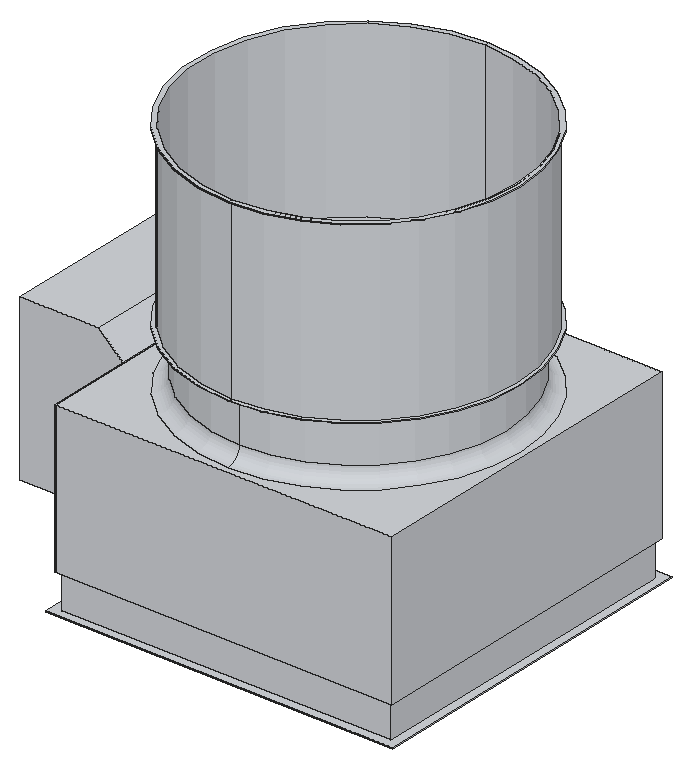
Revit family "LTUMO", category Mechanical Equipment, Revit 2019
Family settings
  Round Connector Dimension = Use Diameter
  Part Type = Normal
  Work Plane-Based = No
  Always vertical = Yes
  Cut with Voids When Loaded = No
  Shared = No
  Room Calculation Point = No
Parameters (values of type "60_LTUMO")
  T_SQ/4 = T_SQ / 4  # 17 29/32"
  RO = T_SQ - 4 1/2"  # 67 1/8"
  Unit Weight [instance] = ""
  T_SQ/2 = T_SQ / 2  # 35 13/16"
  T_SQ = 71 5/8"
  Sones [instance] = ""
  RO/2 = RO / 2  # 33 9/16"
  Motor RPM [instance] = ""
  Motor Enclosure [instance] = ""
  ModelID [instance] = ""
  LwA [instance] = ""
  Fan RPM [instance] = ""
  CH [instance] = if(CURB, CURB_HEIGHT, 0")  # 9 1/2"
  BASE_LOCATION [instance] = if(CURB, CURB_HEIGHT - 2", 0")  # 7 1/2"
  B = 32"
  CURB_HEIGHT [instance] = 9 1/2"
  CURB [instance] = yes
  WB HEIGHT = C / 4 * 3  # 38 1/16"
  C/2 = C / 2  # 25 3/8"
  C = 50 3/4"
  Accessories [instance] = ""
  D/2 = D / 2  # 33 5/8"
  D = 67 1/4"
  A = 93 11/16"
  3" = 3"  # constant formula
  Brake Hp [instance] = ""
  4" = 4"  # constant formula
  2' = 24"
  2" = 2"  # constant formula
  1' = 12"  # constant formula
  1" = 1"  # constant formula
  0 = 0"  # constant formula
  Voltage [instance] = 0 V
  URL = "www.lorencook.com"
  Type Comments = "Upblast Exhaust Ventilator Low Pressure X-Stream Propeller Roof Mounted/Belt Drive"  # constant formula
  Static Pressure [instance] = 0.00 in-wg
  Power [instance] = Voltage * Motor FLA * sqrt(if(Phase = 3, 3, 1))  # 0 VA
  Phase [instance] = 0
  Number of Poles [instance] = 1
  Motor Hp [instance] = "0"
  Motor FLA [instance] = 0 A
  Model = "LXULMO"  # constant formula
  Manufacturer = "Loren Cook Company"
  CFM [instance] = 0 CFM
  1.5 = 1 1/2"  # constant formula
  ONE EIGTH = 1/8"  # constant formula
  -T_SQ/4 = -T_SQ / 4  # -17 29/32"
  -D+4" = -21"
  -D+2" = -23"
  -D = -25"
  (T_SQ/2)+.125" = (T_SQ / 2) + 1/8"  # 35 15/16"
  (D/2)-2" = (D / 2) - 2"  # 31 5/8"
Types (9): name | T_SQ/4 | RO | Unit Weight | T_SQ/2 | T_SQ | RO/2 | B | WB HEIGHT | C/2 | C | D/2 | D | A | -T_SQ/4 | -D+4" | -D+2" | -D | (T_SQ/2)+.125" | (D/2)-2"
  (no name) | 17 29/32" | 67 1/8" | "" | 35 13/16" | 71 5/8" | 33 9/16" | 32" | 38 1/16" | 25 3/8" | 50 3/4" | 33 5/8" | 67 1/4" | 93 11/16" | -17 29/32" | -21" | -23" | -25" | 35 15/16" | 31 5/8"
  20_LTUMO | 7 29/32" | 27 1/8" | "250" | 15 13/16" | 31 5/8" | 13 9/16" | 22" | 18 27/32" | 12 9/16" | 25 1/8" | 13 5/8" | 27 1/4" | 44 13/16" | -7 29/32" | -15" | -17" | -19" | 15 15/16" | 11 5/8"
  24_LTUMO | 8 29/32" | 31 1/8" | "" | 17 13/16" | 35 5/8" | 15 9/16" | 22" | 20 1/16" | 13 3/8" | 26 3/4" | 15 5/8" | 31 1/4" | 48 13/16" | -8 29/32" | -14" | -16" | -18" | 17 15/16" | 13 5/8"
  30_LTUMO | 10 13/32" | 37 1/8" | "" | 20 13/16" | 41 5/8" | 18 9/16" | 22" | 25 5/16" | 16 7/8" | 33 3/4" | 18 5/8" | 37 1/4" | 54 13/16" | -10 13/32" | -14" | -16" | -18" | 20 15/16" | 16 5/8"
  36_LTUMO | 11 29/32" | 43 1/8" | "" | 23 13/16" | 47 5/8" | 21 9/16" | 24" | 28 1/2" | 19" | 38" | 21 5/8" | 43 1/4" | 64 13/16" | -11 29/32" | -14" | -16" | -18" | 23 15/16" | 19 5/8"
  42_LTUMO | 13 13/32" | 49 1/8" | "" | 26 13/16" | 53 5/8" | 24 9/16" | 24" | 34 25/32" | 23 3/16" | 46 3/8" | 24 5/8" | 49 1/4" | 70 11/16" | -13 13/32" | -14" | -16" | -18" | 26 15/16" | 22 5/8"
  48_LTUMO | 14 29/32" | 55 1/8" | "" | 29 13/16" | 59 5/8" | 27 9/16" | 24" | 37 7/32" | 24 13/16" | 49 5/8" | 27 5/8" | 55 1/4" | 76 11/16" | -14 29/32" | -17" | -19" | -21" | 29 15/16" | 25 5/8"
  54_LTUMO | 16 13/32" | 61 1/8" | "" | 32 13/16" | 65 5/8" | 30 9/16" | 28" | 36" | 24" | 48" | 30 5/8" | 61 1/4" | 83 11/16" | -16 13/32" | -21" | -23" | -25" | 32 15/16" | 28 5/8"
  60_LTUMO | 17 29/32" | 67 1/8" | "" | 35 13/16" | 71 5/8" | 33 9/16" | 32" | 38 1/16" | 25 3/8" | 50 3/4" | 33 5/8" | 67 1/4" | 93 11/16" | -17 29/32" | -21" | -23" | -25" | 35 15/16" | 31 5/8"
Reference planes (in)
  plane 1 "Center (Front/Back)": y = 0
  plane 2: z = 0
  plane 3 "Center (Left/Right)": x = 0.40541
  plane 4: z = 9.5
  plane 5: z = 7.5
Forms (in)
  Extrusion 1, solid
    sketch origin (-23.38441, -180, 7.5) x (-1, 0, 0) y (0, -1, 0)
      loop
        line (12.14767, -215.9375) -> (12.14767, -144.0625) -> (-59.72733, -144.0625) -> (-59.72733, -215.9375) -> (12.14767, -215.9375)
    from 0 to 32 <- "B"
  Extrusion 2, void
    sketch origin (-23.38441, -180, 39.5) x (0, -1, 0) y (-1, 0, 0)
      loop
        line (-215.8125, 12.02267) -> (-215.8125, -59.60233) -> (-144.1875, -59.60233) -> (-144.1875, 12.02267) -> (-215.8125, 12.02267)
    from 0.125 to 32 <- "B"
  Revolve 3, solid
    sketch origin (0.40541, 0, 0) x (0, 1, 0) y (0, 0, 1)
      loop
        line (0, 39.5) -> (0, 54.5) -> (-31.625, 54.5) -> (-31.625, 42.5)
        arc (-31.625, 42.5) -> (-32.50368, 40.37868) -> (-34.625, 39.5) r 3
        line (-34.625, 39.5) -> (0, 39.5)
      axis (0, 39.5) -> (0, 54.5)
    angle from 0 to 360
  Revolve 4, solid
    sketch origin (0.40541, 0, 0) x (0, 1, 0) y (0, 0, 1)
      loop
        line (-34.625, 90.25) -> (-34.625, 90.125) -> (-33.75, 90.125) -> (-33.75, 52.3125) -> (-34.625, 52.3125) -> (-34.625, 52.1875) -> (-33.625, 52.1875) -> (-33.625, 90.25) -> (-34.625, 90.25)
      axis (0, 52.1875) -> (0, 90.25)
    angle from 0 to 360
  Extrusion 5, solid, visible <- "CURB"
    sketch origin (27.16619, -180, 9.5) x (0, -1, 0) y (-1, 0, 0)
      loop
        line (-213.5625, 60.32327) -> (-213.5625, -6.80173) -> (-146.4375, -6.80173) -> (-146.4375, 60.32327) -> (-213.5625, 60.32327)
      loop
        line (-144.9375, -8.30173) -> (-144.9375, 61.82327) -> (-215.0625, 61.82327) -> (-215.0625, -8.30173) -> (-144.9375, -8.30173)
    from 0 to 9.5 <- "CURB_HEIGHT"
  Extrusion 6, solid, visible <- "CURB"
    sketch origin (27.16619, -180, 0) x (1, 0, 0) y (0, -1, 0)
      loop
        line (-61.82327, -215.0625) -> (8.30173, -215.0625) -> (8.30173, -144.9375) -> (-61.82327, -144.9375) -> (-61.82327, -215.0625)
      loop
        line (-63.82327, -217.0625) -> (10.30173, -217.0625) -> (10.30173, -142.9375) -> (-63.82327, -142.9375) -> (-63.82327, -217.0625)
    from 0 to -0.125
  Extrusion 7, solid
    sketch origin (0, 0, 0) x (1, 0, 0) y (0, 0, 1)
      loop
        line (-35.53209, 9.5) -> (-35.53209, 39.5) -> (-40.53209, 44.5) -> (-57.34459, 44.5) -> (-57.34459, 9.5) -> (-35.53209, 9.5)
    from 17.90625 <- "T_SQ/4" to -17.90625 <- "-T_SQ/4"
  Extrusion 8, solid
    sketch origin (27.16619, -180, 9.5) x (0, -1, 0) y (-1, 0, 0)
      loop
        line (-215.8125, 62.57327) -> (-215.8125, -9.05173) -> (-144.1875, -9.05173) -> (-144.1875, 62.57327) -> (-215.8125, 62.57327)
      loop
        line (-144.9375, -8.30173) -> (-144.9375, 61.82327) -> (-215.0625, 61.82327) -> (-215.0625, -8.30173) -> (-144.9375, -8.30173)
    from 0 to -0.125
Cuts and joins
  Extrusion 2 cuts Extrusion 1
Dimensions and locks (in)
  "(T_SQ/2)+.125"": Extrusion 1 sketch curve to plane 3 "Center (Left/Right)"
  "(T_SQ/2)+.125"": plane 3 "Center (Left/Right)" to Extrusion 1 sketch curve
  "(T_SQ/2)+.125"": plane 1 "Center (Front/Back)" to Extrusion 1 sketch curve
  "(T_SQ/2)+.125"": Extrusion 1 sketch curve to plane 1 "Center (Front/Back)"
  "T_SQ/2": Extrusion 2 sketch curve to plane 3 "Center (Left/Right)"
  "T_SQ/2": plane 3 "Center (Left/Right)" to Extrusion 2 sketch curve
  "T_SQ/2": plane 1 "Center (Front/Back)" to Extrusion 2 sketch curve
  "T_SQ/2": Extrusion 2 sketch curve to plane 1 "Center (Front/Back)"
  "(D/2)-2"": plane 1 "Center (Front/Back)" to Revolve 3 sketch curve
  "1'": Revolve 3 sketch curve to Revolve 3 sketch curve
  "0": Revolve 3 sketch curve to cut or joined group of Extrusion 1, Extrusion 2
  "0": Revolve 3 sketch curve to plane 1 "Center (Front/Back)"  (x2)
  "D/2": plane 1 "Center (Front/Back)" to Revolve 4 sketch curve
  "ONE EIGTH": Revolve 4 sketch curve to Revolve 4 sketch curve  (x3)
  "C": Revolve 4 sketch curve to cut or joined group of Extrusion 1, Extrusion 2
  "1"": Revolve 4 sketch curve to Revolve 4 sketch curve  (x2)
  "WB HEIGHT": Revolve 4 sketch curve to Revolve 4 sketch curve
  "0": Revolve 4 sketch curve to plane 1 "Center (Front/Back)"
  "1.5": Extrusion 5 sketch curve to Extrusion 5 sketch curve  (x4)
  "RO/2": Extrusion 5 sketch curve to plane 3 "Center (Left/Right)"
  "RO/2": plane 3 "Center (Left/Right)" to Extrusion 5 sketch curve
  "RO/2": plane 1 "Center (Front/Back)" to Extrusion 5 sketch curve
  "RO/2": Extrusion 5 sketch curve to plane 1 "Center (Front/Back)"
  "0": Extrusion 5 to Extrusion 6 sketch curve  (x2)
  "0": Extrusion 6 sketch curve to Extrusion 5  (x2)
  "CH": plane 4 to level
  "BASE_LOCATION": plane 5 to level
  locked: Extrusion 7 sketch curve to plane 5 at 2
  "A": cut or joined group of Extrusion 1, Extrusion 2 to Extrusion 7 sketch curve
  "2"": Extrusion 6 sketch curve to Extrusion 6 sketch curve  (x4)
  "3"": radius of Revolve 3 sketch curve
  aligned and locked: Extrusion 7 sketch curve to cut or joined group of Extrusion 1, Extrusion 2
  aligned and locked: cut or joined group of Extrusion 1, Extrusion 2 to Extrusion 7 sketch curve
  aligned and locked: Extrusion 8 sketch curve to cut or joined group of Extrusion 1, Extrusion 2  (x4)
  aligned and locked: Extrusion 8 sketch curve to Extrusion 5  (x4)
Automatic sketch dimensions
  Revolve 3 sketch curve to Revolve 3 sketch curve = 0"
  Revolve 3 sketch curve to Revolve 3 sketch curve = 2 1/4"
  Revolve 4 sketch curve to Revolve 4 sketch curve = 1 3/4"
  Revolve 4 sketch curve to Revolve 4 sketch curve = 2"
  Extrusion 7 sketch curve to Extrusion 7 sketch curve = 5"  (x2)
Connectors (in)
  hvac at (0.40541, 0, 9.5), driven by "CFM", driven by "RO", driven by "RO"
    settings: on Extrusion 8, index 4, duct flow 0 CFM, flow factor 0, pres drop 0.00 in-wg, loss coef 0, conn angle 0.00°, conn width 67 1/8", conn height 67 1/8", conn diameter 24", duct sys type 3, conn prof type 1, flow config 0, flow direction 1, loss method 0, conn ref index -1, conn util no, is conn primary yes, conn desc ""
  electrical at (-46.43834, 0, 9.5), driven by "Number of Poles", driven by "Voltage", driven by "Power"
    settings: on Extrusion 7, index 5, voltage 0 V, apparent load 0 VA, apparent load phase1 0 VA, apparent load phase2 0 VA, apparent load phase3 0 VA, power factor 1, load classification "Other", number of poles 1, system type 30, power factor state 1, is connector primary yes, connector utility no, sub classification motor no, connector description ""
